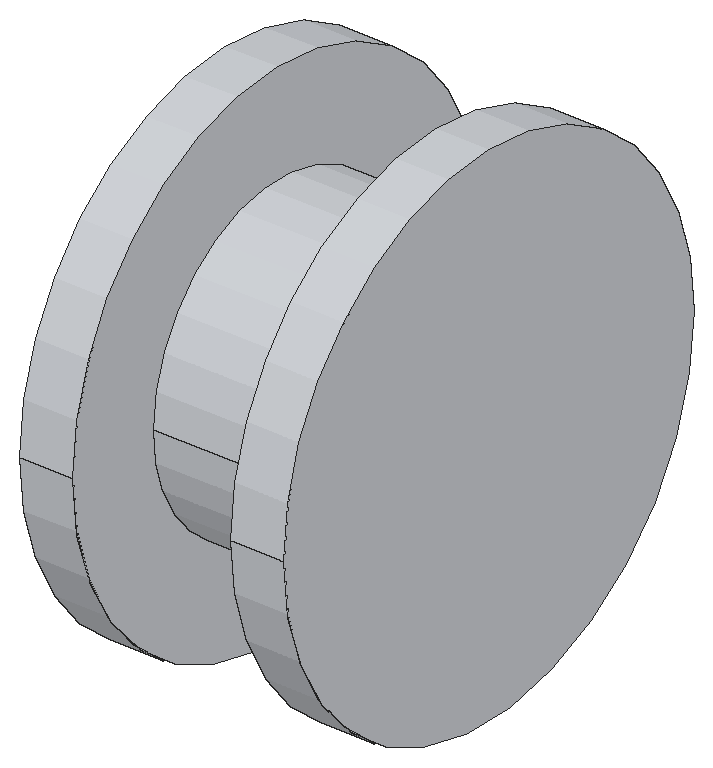
Revit family "M_Válvula de retenção - Pastilha - 50-600 mm", category Acessórios do tubo, Revit 2019
Family settings
  Cota do conector redondo = Usar raio
  Tipo de parte = Válvula - Quebra entre
  Número OmniClass = 23.65.55.14.21
  Título OmniClass = Non-Return Valves for Liquid Services
  ID de item do Seek = Check Valve - Wafer - 50-600 mm-0000-CAN-ENU
  Com base no plano de trabalho = Não
  Sempre na vertical = Sim
  Corte com vazios quando carregada = Não
  Compartilhado = Não
Parameters (values of type "50 mm")
  Material da válvula = none
  Raio nominal = 25 mm
  Diâmetro nominal = Raio nominal * 2  # 50 mm
  Comprimento 1 = Comprimento do corpo * tan(30.00°) / 2  # 15.588 mm
  K Coefficient = 0.35
  Comprimento do meio corpo = Comprimento do corpo / 2  # 27 mm
  Raio do corpo = Diâmetro do corpo / 2  # 32 mm
  Comprimento do corpo = 54 mm
  Diâmetro do corpo = 64 mm
  Comprimento do adaptador = 0.2 * Comprimento do corpo  # 10.8 mm
  Raio do adaptador = Diâmetro do adaptador / 2  # 52.5 mm
  Diâmetro do adaptador = 105 mm
Types (15, lengths in mm): name | Raio nominal | Diâmetro nominal | Comprimento 1 | K Coefficient | Comprimento do meio corpo | Raio do corpo | Comprimento do corpo | Diâmetro do corpo | Comprimento do adaptador | Raio do adaptador | Diâmetro do adaptador
  (no name) | 25 | 50 | 15.588 | 0.35 | 27 | 32 | 54 | 64 | 10.8 | 52.5 | 105
  50 mm | 25 | 50 | 15.588 | 0.35 | 27 | 32 | 54 | 64 | 10.8 | 52.5 | 105
  65 mm | 32.5 | 65 | 17.321 | 0.32 | 30 | 39.5 | 60 | 79 | 12 | 62 | 124
  80 mm | 40 | 80 | 19.341 | 0.31 | 33.5 | 47.5 | 67 | 95 | 13.4 | 68.5 | 137
  100 mm | 50 | 100 | 19.341 | 0.3 | 33.5 | 59 | 67 | 118 | 13.4 | 87.5 | 175
  125 mm | 62.5 | 125 | 23.96 | 0.3 | 41.5 | 73 | 83 | 146 | 16.6 | 93.5 | 187
  150 mm | 75 | 150 | 27.424 | 0.28 | 47.5 | 86 | 95 | 172 | 19 | 111 | 222
  200 mm | 100 | 200 | 36.662 | 0.25 | 63.5 | 111 | 127 | 222 | 25.4 | 139.5 | 279
  250 mm | 125 | 250 | 40.415 | 0.23 | 70 | 138 | 140 | 276 | 28 | 170 | 340
  300 mm | 150 | 300 | 52.25 | 0.21 | 90.5 | 163.5 | 181 | 327 | 36.2 | 205 | 410
  350 mm | 175 | 350 | 53.116 | 0.21 | 92 | 187.5 | 184 | 375 | 36.8 | 225.5 | 451
  400 mm | 200 | 400 | 55.137 | 0.2 | 95.5 | 208 | 191 | 416 | 38.2 | 257 | 514
  450 mm | 225 | 450 | 58.601 | 0.2 | 101.5 | 233.5 | 203 | 467 | 40.6 | 274.5 | 549
  500 mm | 250 | 500 | 61.488 | 0.19 | 106.5 | 257 | 213 | 514 | 42.6 | 303 | 606
  600 mm | 300 | 600 | 64.086 | 0.19 | 111 | 308 | 222 | 616 | 44.4 | 359 | 718
Reference planes
  plane 1 "Centro (Frente/Trás)": y = 0
  plane 2: z = 0
  plane 3 "Centro (Esquerda/Direita)": x = 0
  plane 4: y = 52.5
  plane 5: y = -52.5
  plane 6: x = 27
  plane 7: x = -27
  plane 8: x = 16.2
  plane 9: x = -16.2
  plane 10: y = -15.588
  plane 11: y = 15.588
Forms (mm)
  Extrusion 1, solid, material <- "Material da válvula", detail levels fine
    sketch origin (0, 0, 0) x (0, 1, 0) y (0, 0, 1)
      loop
        circle (0, 0) r 52.5
    from 16.2 to 27
  Extrusion 2, solid, material <- "Material da válvula", detail levels fine
    sketch origin (0, 0, 0) x (0, 1, 0) y (0, 0, -1)
      loop
        circle (0, 0) r 52.5
    from 16.2 to 27
  Extrusion 3, solid, material <- "Material da válvula", detail levels fine
    sketch origin (32.385, 0, 0) x (0, 1, 0) y (0, 0, -1)
      loop
        circle (0, 0) r 32
    from 5.385 to 59.385
Cuts and joins
  joined: Extrusion 1, Extrusion 2, Extrusion 3
Lines and regions (mm)
  model lines, detail levels coarse+medium
    curve 1: line (-27, 15.588, 0) -> (-27, -15.588, 0)
    curve 2: line (27, 15.588, 0) -> (27, -15.588, 0)
    curve 3: line (-27, 15.588, 0) -> (27, 15.588, 0)
    curve 5: line (-27, 15.588, 0) -> (-27, -15.588, 0)
  model lines
    curve 4: line (27, 15.588, 0) -> (16.2, 17.493, 0)
    curve 6: line (-27, 15.588, 0) -> (27, -15.588, 0)
Dimensions and locks
  "Comprimento do corpo": plane 7 to plane 6
  equal spacing: plane 7, plane 3 "Centro (Esquerda/Direita)", plane 6
  equal spacing: plane 4, plane 1 "Centro (Frente/Trás)", plane 5
  "Raio do adaptador": plane 5 to plane 1 "Centro (Frente/Trás)"
  "Comprimento do adaptador": plane 8 to plane 6
  "Comprimento do adaptador": plane 7 to plane 9
  equal spacing: plane 9, plane 3 "Centro (Esquerda/Direita)", plane 8
  equal spacing: plane 10, plane 1 "Centro (Frente/Trás)", plane 11
  "Comprimento 1": plane 10 to plane 1 "Centro (Frente/Trás)"
  "Raio do adaptador": radius of Extrusion 1 sketch curve
  "Raio do adaptador": radius of Extrusion 2 sketch curve
  "Raio do corpo": radius of Extrusion 3 sketch curve
  locked: curve 4 to curve 3 (angle 10.00°)
  aligned and locked: plane 1 "Centro (Frente/Trás)" to Extrusion 1 sketch curve
  aligned and locked: level to Extrusion 1 sketch curve
  aligned and locked: Extrusion 1 to plane 8
  aligned and locked: plane 6 to Extrusion 1
  aligned and locked: Extrusion 2 to plane 7
  aligned and locked: plane 9 to Extrusion 2
  aligned and locked: Extrusion 3 to plane 7
  aligned and locked: plane 6 to Extrusion 3
  aligned and locked: plane 8 to curve 4
  aligned and locked: curve 5 to plane 7
  aligned and locked: plane 10 to curve 1
  aligned and locked: plane 10 to curve 5
  aligned and locked: plane 11 to curve 3
  aligned and locked: curve 2 to plane 6
  aligned and locked: plane 6 to curve 6
  aligned and locked: plane 10 to curve 6
Automatic sketch dimensions
  Extrusion 2 sketch curve to level = 0 mm
  Extrusion 2 sketch curve to plane 1 "Centro (Frente/Trás)" = 0 mm
  Extrusion 3 sketch curve to level = 0 mm
  Extrusion 3 sketch curve to plane 1 "Centro (Frente/Trás)" = 0 mm
Connectors
  piping at (-27, 0, 0), diameter 50, driven by "Raio nominal"
    settings: on Extrusion 3, index 1, connector inside diameter 50 mm, connector length 0 mm, flow factor 0, pipe flow 0.0 L/s, pressure drop 0.0 Pa, fitting loss kfactor 0, connector angle 0.00°, fixture units 0, engagement length 0 mm, angle of deflection 0.00°, flow configuration 0, flow direction 0, fitting loss method 2, system type 29, joint type 0, gender type 0, connector reference index 2, connector utility 0, adjustable connector no, is connector primary yes, connector description "In"
  piping at (27, 0, 0), diameter 50, driven by "Raio nominal", driven by "K Coefficient"
    settings: on Extrusion 3, index 2, connector inside diameter 50 mm, connector length 0 mm, flow factor 0, pipe flow 0.0 L/s, pressure drop 0.0 Pa, fitting loss kfactor 0.35, connector angle 0.00°, fixture units 0, engagement length 0 mm, angle of deflection 0.00°, flow configuration 0, flow direction 0, fitting loss method 2, system type 29, joint type 0, gender type 0, connector reference index 1, connector utility 0, adjustable connector no, is connector primary no, connector description "Saída"
